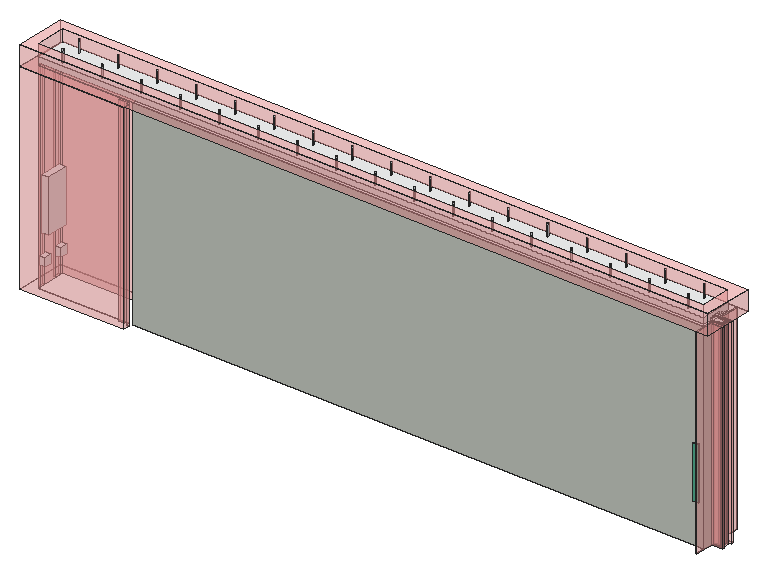
Revit family "Doors-Sliding_WON-DOOR_Fireguard-FG-Straight_Single-Parting-Door - Test V1 -  all heights", category Doors, host Wall, Revit 2022
Family settings
  Host = Wall
  OmniClass Number = 23.17.11.31
  Always vertical = Yes
  Cut with Voids When Loaded = No
  Shared = No
  Room Calculation Point = No
Parameters (values of type "90 Minute")
  Width Count [instance] = Width / 0' 1"  # 342
  Width [instance] = if(Clear Opening Width > Max Width, Max Width, if(Clear Opening Width < Min Width, Min Width, Clear Opening Width))  # 28' - 6 1/8"
  Wall Construction Clearance ( by other ) [instance] = yes
  Voltage [instance] = 120 V
  Version = 1
  Value Step for Rod [instance] = if(not([Threaded Rods ( by Won-Door )]), Max Step for Threaded Rods, if(Step for Threaded Rods < Min Step for Threaded Rods, Min Step for Threaded Rods, if(Step for Threaded Rods > Max Step for Threaded Rods, Max Step for Threaded Rods, Step for Threaded Rods)))  # 2' - 0"
  URL = "https://www.wondoor.com/"
  Threaded Rods Height [instance] = Real Head Height - 0' 4 255/256"  # 0' - 7 1/256"
  Threaded Rods ( by Won-Door ) [instance] = yes
  Thickness = 1' - 6"  # constant formula
  Step for Threaded Rods [instance] = 2' - 0"
  Lookup Table Stack Depth [instance] = size_lookup(Lookup Table, "Stack Depth", 1' 11", Width Count)  # 4' - 8"
  Stack Depth [instance] = if(Height < 10' 0 1/32", if(or(Width < 8' 11", Width = 8' 11"), 2' 4", if(or(Width < 9' 9", Width = 9' 9"), 2' 5", if(or(Width < 11' 7", Width = 11' 7"), 2' 6", if(or(Width < 12' 5", Width = 12' 5"), 2' 7", if(or(Width < 14' 2", Width = 14' 2"), 3' 1", if(or(Width < 18' 9", Width = 18' 9"), 3' 3", if(or(Width < 19' 7", Width = 19' 7"), 3' 5", if(or(Width < 20' 6", Width = 20' 6"), 3' 6", if(or(Width < 22' 3", Width = 22' 3"), 3' 7", if(or(Width < 23' 2", Width = 23' 2"), 3' 8", if(or(Width < 24' 1", Width = 24' 1"), 3' 9", if(or(Width < 24' 11", Width = 24' 11"), 3' 10", if(or(Width < 25' 10", Width = 25' 10"), 3' 11", if(or(Width < 26' 8", Width = 26' 8"), 4' 0", if(or(Width < 27' 7", Width = 27' 7"), 4' 1", if(or(Width < 28' 6", Width = 28' 6"), 4' 2", if(or(Width < 29' 4", Width = 29' 4"), 4' 2", if(or(Width < 30' 3", Width = 30' 3"), 4' 3", if(or(Width < 31' 2", Width = 31' 2"), 4' 4", if(or(Width < 32' 0", Width = 32' 0"), 4' 6", if(or(Width < 33' 0", Width = 33' 0"), 4' 6", if(or(Width < 33' 11", Width = 33' 11"), 4' 7", if(or(Width < 34' 9", Width = 34' 9"), 4' 8", if(or(Width < 35' 8", Width = 35' 8"), 5' 0", if(or(Width < 36' 7", Width = 36' 7"), 5' 1", if(or(Width < 37' 5", Width = 37' 5"), 5' 2", if(or(Width < 38' 4", Width = 38' 4"), 5' 3", if(or(Width < 39' 2", Width = 39' 2"), 5' 4", if(or(Width < 40' 0", Width = 40' 0"), 5' 5", 0' 0"))))))))))))))))))))))))))))), if(Height < 12' 0 1/32", if(or(Width < 8' 11", Width = 8' 11"), 3' 4", if(or(Width < 9' 9", Width = 9' 9"), 3' 4", if(or(Width < 11' 7", Width = 11' 7"), 3' 4", if(or(Width < 12' 5", Width = 12' 5"), 3' 4", if(or(Width < 14' 2", Width = 14' 2"), 3' 4", if(or(Width < 18' 9", Width = 18' 9"), 3' 4", if(or(Width < 19' 7", Width = 19' 7"), 3' 5", if(or(Width < 20' 6", Width = 20' 6"), 3' 6", if(or(Width < 22' 3", Width = 22' 3"), 3' 7", if(or(Width < 23' 2", Width = 23' 2"), 3' 8", if(or(Width < 24' 1", Width = 24' 1"), 3' 9", if(or(Width < 24' 11", Width = 24' 11"), 3' 10", if(or(Width < 25' 10", Width = 25' 10"), 3' 11", if(or(Width < 26' 8", Width = 26' 8"), 4' 0", if(or(Width < 27' 7", Width = 27' 7"), 4' 1", if(or(Width < 28' 6", Width = 28' 6"), 4' 2", if(or(Width < 29' 4", Width = 29' 4"), 4' 6", if(or(Width < 30' 3", Width = 30' 3"), 4' 7", if(or(Width < 31' 2", Width = 31' 2"), 4' 7", if(or(Width < 32' 0", Width = 32' 0"), 4' 9", if(or(Width < 33' 0", Width = 33' 0"), 4' 10", if(or(Width < 33' 11", Width = 33' 11"), 4' 11", if(or(Width < 34' 9", Width = 34' 9"), 4' 11", if(or(Width < 35' 8", Width = 35' 8"), 5' 0", if(or(Width < 36' 7", Width = 36' 7"), 5' 1", if(or(Width < 37' 5", Width = 37' 5"), 5' 2", if(or(Width < 38' 4", Width = 38' 4"), 5' 3", if(or(Width < 39' 2", Width = 39' 2"), 5' 4", if(or(Width < 40' 0", Width = 40' 0"), 5' 5", 0' 0"))))))))))))))))))))))))))))), if(Height < 15' 0 1/32", if(or(Width < 8' 11", Width = 8' 11"), 4' 0", if(or(Width < 9' 9", Width = 9' 9"), 4' 0", if(or(Width < 11' 7", Width = 11' 7"), 4' 0", if(or(Width < 12' 5", Width = 12' 5"), 4' 0", if(or(Width < 14' 2", Width = 14' 2"), 4' 0", if(or(Width < 18' 9", Width = 18' 9"), 4' 0", if(or(Width < 19' 7", Width = 19' 7"), 4' 0", if(or(Width < 20' 6", Width = 20' 6"), 4' 0", if(or(Width < 22' 3", Width = 22' 3"), 4' 0", if(or(Width < 23' 2", Width = 23' 2"), 4' 0", if(or(Width < 24' 1", Width = 24' 1"), 4' 0", if(or(Width < 24' 11", Width = 24' 11"), 4' 1", if(or(Width < 25' 10", Width = 25' 10"), 4' 3", if(or(Width < 26' 8", Width = 26' 8"), 4' 4", if(or(Width < 27' 7", Width = 27' 7"), 4' 4", if(or(Width < 28' 6", Width = 28' 6"), 4' 5", if(or(Width < 29' 4", Width = 29' 4"), 4' 6", if(or(Width < 30' 3", Width = 30' 3"), 4' 7", if(or(Width < 31' 2", Width = 31' 2"), 4' 7", if(or(Width < 32' 0", Width = 32' 0"), 4' 9", if(or(Width < 33' 0", Width = 33' 0"), 4' 10", if(or(Width < 33' 11", Width = 33' 11"), 4' 11", if(or(Width < 34' 9", Width = 34' 9"), 4' 11", if(or(Width < 35' 8", Width = 35' 8"), 5' 0", if(or(Width < 36' 7", Width = 36' 7"), 5' 1", if(or(Width < 37' 5", Width = 37' 5"), 5' 2", if(or(Width < 38' 4", Width = 38' 4"), 5' 3", if(or(Width < 39' 2", Width = 39' 2"), 5' 4", if(or(Width < 40' 0", Width = 40' 0"), 5' 5", 0' 0"))))))))))))))))))))))))))))), 0' 0")))  # 4' - 2"
  Rough Width [instance] = Width + Stack Depth + Offset for Stack Depth  # 33' - 2 1/4"
  Rough Height [instance] = Height + Real Head Height  # 10' - 11 1/8"
  Real Step for Threaded Rods [instance] = (General Length for Rod - 2' 0") / (Count Rod - 1)  # 1' - 11 49/128"
  Real Head Height [instance] = if(Head Height < Min Head Height, Min Head Height, Head Height)  # 1' - 0"
  Product data url = "https://bimobject.com/hortonautomatics/product/WON-DOOR-fireguard-fg-straight"
  Product Page URL = "https://wondoor.concora.com/products/33f15dd3-8041-45fb-9394-ef3e3af44df0"
  Power Factor [instance] = 1
  Pocket Thickness = 2' - 6 1/4"
  Open [instance] = no
  Offset for Stack Depth = if(Pocket Thickness = 2' 3 3/4", 0' 4 7/8", if(Pocket Thickness = 2' 6 1/4", 0' 6 1/8", 0' 7 3/8"))  # 0' - 6 1/8"
  Offset for Backing Width = if(or(Pocket Thickness = 2' 6 1/4", Pocket Thickness = 2' 8 3/4"), 0' 3 1/4", 0' 3 1/8")  # 0' - 3 1/4"
  Offset for Backing Depth = if(Pocket Thickness = 2' 6 1/4", 0' 7 3/8", if(Pocket Thickness = 2' 8 3/4", 0' 8 5/8", 0' 6 1/8"))  # 0' - 7 3/8"
  Number of Poles [instance] = 1
  Model = "Fireguard FG Straight With Single Parting Door "  # constant formula
  Min Width [instance] = 3' - 0"  # constant formula
  Min Step for Threaded Rods [instance] = 0' - 1"  # constant formula
  Min Stack Depth [instance] = if(or(Height < 10' 0", Height = 10' 0"), 2' 4", if(or(Height < 12' 0", Height = 12' 0"), 3' 4", 4' 0"))  # 2' - 4"
  Min Height [instance] = 7' - 0"  # constant formula
  Min Head Height [instance] = 1' - 0"  # constant formula
  Max Width [instance] = 40' - 0"  # constant formula
  Max Step for Threaded Rods [instance] = 6' - 5"  # constant formula
  Max Height [instance] = 15' - 0"  # constant formula
  Max Head Height [instance] = 5' - 0"  # constant formula
  Manufacturer = "Won-Door Corporation"  # constant formula
  Wall Closure = By host
  Lookup Table = "Doors-Sliding_WON-DOOR_Fireguard-FG-Straight_Single-Parting-Door"  # constant formula
  Height [instance] = if(Clear Opening Height > Max Height, Max Height, if(Clear Opening Height < Min Height, Min Height, Clear Opening Height))  # 9' - 11 1/8"
  Head Height [instance] = 1' - 0"
  General Length for Rod [instance] = Width + Lookup Table Stack Depth  # 33' - 2 1/8"
  Fire Rating = "90 Minute Fire Rating"
  Door Finish = Won-Door-Metal-Platinum
  Description = "Won-Door FireGuard Horizontal sliding, accordion-type fire door systems meet all IBC and NFPA criteria for use in a means-of-egress without occupant load limitations in all occupancy types except Group H.\r\n\r\nDue to their wide span opening capabilities, the Won-Door FireGuard horizontal sliding fire door allows for the unimpeded flow of pedestrian traffic as well as open plan designs. All Won-Door FireGuard products are manufactured per application allowing for more freedom of design."  # constant formula
  Date Updated = ""
  Date Created = "2023/11/24"  # constant formula
  Current [instance] = 10 A  # constant formula
  Count Rod [instance] = 1 + roundup((General Length for Rod - 2' 0") / Value Step for Rod)  # 17
  Connector Description [instance] = "100-240 VAC, 60/50 Hz, 10 AMP"  # constant formula
  Closed [instance] = not(Open)  # yes
  Clear Opening Width [instance] = 28' - 6 1/8"
  Clear Opening Height [instance] = 9' - 11 1/8"
  Backing Profile Clearance ( by other ) [instance] = yes
  Apparent Load [instance] = Voltage * Current  # 1200 VA
Reference planes (in)
  plane 1 "Center (Front/Back)": y = 0
  plane 2 "Center (Left/Right)": x = 0
  plane 3 "Left": x = -171.0625
  plane 4 "Right": x = 171.0625
  plane 5 "Top": z = 119.125
  plane 6 "Exterior": y = 9
  plane 7 "Interior": y = -9
  plane 8: x = -227.0625
  plane 9: x = 168.0625
  plane 10: x = 164.8125
  plane 11: z = 24
  plane 12: z = 55.25
  plane 13: y = 15.125
  plane 14: y = -15.125
  plane 15: x = -233.1875
  plane 16: z = 131.125
  plane 17: x = 168.0625
  plane 18: y = 9
  plane 19: y = -9
  plane 20: x = 169.88982
  plane 21: x = -222.3125
  plane 22: z = 60
  plane 23: z = 12
  plane 24: z = 44.375
  plane 25: x = -174.3125
  plane 26: y = 10.25
  plane 27: y = -10.25
  plane 28: x = -177.9375
  plane 29: y = 7.75
  plane 30: y = 4.125
  plane 31: y = -7.75
  plane 32: y = -4.125
  plane 33: y = 10.25
  plane 34: y = -10.25
  plane 35: x = 171.6875
  plane 36: x = 178.1875
  plane 37: x = 171.6875
  plane 38: x = 178.1875
  plane 39: x = -172.5625
  plane 40: y = 10.875
  plane 41: y = -10.875
  plane 42: x = 178.1875
  plane 43: x = -174.0075
  plane 44: x = -178.13056
  plane 45: x = 175.18556
  plane 46: x = 173.31773
  plane 47: y = 1.92662
  plane 48: y = 1.15009
  plane 49: y = -1.15009
  plane 50: y = -1.92662
  plane 51: y = 2.0625
  plane 52: y = -2.0625
  plane 53: y = -1.21649
  plane 54: y = 1.21649
  plane 55: x = 175.18556
  plane 56: x = 175.3125
  plane 57: x = 175.9375
  plane 58: x = -174.0075
  plane 59: x = -178.13056
  plane 60: y = 1.15009
  plane 61: y = -1.15009
  plane 62: x = -215.0625
  plane 63: x = 159.0625
  plane 64: z = 124.12
Forms (in)
  Extrusion 1, solid, material "Won-Door-Metal-Platinum" <- "Door Finish", visible <- "Closed", detail levels medium+fine
    sketch origin (0, 0, 0) x (1, 0, 0) y (0, 1, 0)
      loop
        line (171.0625, 9) -> (-171.0625, 9) -> (-171.0625, -9) -> (171.0625, -9) -> (171.0625, -1.92662) -> (173.31773, -1.15009) -> (175.18556, -1.15009) -> (175.18556, 1.15009) -> (173.31773, 1.15009) -> (171.0625, 1.92662) -> (171.0625, 9)
    from 0 to 119.125
  Extrusion 2, solid, material "Won-Door-Plastic-Green", visible <- "Closed", detail levels medium+fine
    sketch origin (-1.63592, 0, 0) x (1, 0, 0) y (0, 1, 0)
      loop
        line (166.44842, -9) -> (166.44842, -9.5) -> (169.69842, -9.5) -> (169.69842, -9) -> (166.44842, -9)
      loop
        line (166.44842, 9) -> (169.69842, 9) -> (169.69842, 9.5) -> (166.44842, 9.5) -> (166.44842, 9)
    from 24 to 55.25
  Extrusion 3, solid, material "Won-Door-Metal-Platinum" <- "Door Finish", visible <- "Open", detail levels coarse
    sketch origin (0, 0, 0) x (1, 0, 0) y (0, 1, 0)
      loop
        line (-222.3125, 9) -> (-222.3125, -9) -> (-178.13056, -9) -> (-178.13056, -1.125) -> (-174.0075, -1.125) -> (-174.0075, 1.125) -> (-178.13056, 1.125) -> (-178.13056, 9) -> (-222.3125, 9)
    from 0 to 119.125
  Extrusion 4, solid, visible <- "Wall Construction Clearance ( by other )"
    sketch origin (0, 0, 0) x (1, 0, 0) y (0, 1, 0)
      loop
        line (-233.1875, 15.125) -> (-233.1875, -15.125) -> (-171.0625, -15.125) -> (-171.0625, -11) -> (-172.6875, -11) -> (-172.6875, -9) -> (-227.0625, -9) -> (-227.0625, 9) -> (-172.6875, 9) -> (-172.6875, 11) -> (-171.0625, 11) -> (-171.0625, 15.125) -> (-233.1875, 15.125)
    from 0 to 119.125
  Extrusion 5, solid, material "Won-Door-Metal-Gray", detail levels fine
    sketch origin (0, -9.5888, 120.12767) x (0, -1, 0) y (0, 0, -1)
      loop
        line (-0.5888, -0.49933) -> (-5.1268, -0.49933) -> (-5.1268, -0.58283) -> (-4.7018, -0.58283) -> (-4.7018, -1.99033) -> (-6.3018, -1.99033) -> (-6.3018, -0.58283) -> (-5.8768, -0.58283) -> (-5.8768, -0.49633) -> (-6.4008, -0.49633) -> (-6.4008, -0.65833) -> (-8.7058, -0.65833) -> (-8.7058, -0.76733) -> (-6.5098, -0.76733) -> (-6.5098, -2.13833) -> (-12.6678, -2.13833) -> (-12.6678, -0.76733) -> (-10.4718, -0.76733) -> (-10.4718, -0.65833) -> (-12.7768, -0.65833) -> (-12.7768, -0.49633) -> (-13.3008, -0.49633) -> (-13.3008, -0.58283) -> (-12.8758, -0.58283) -> (-12.8758, -1.99033) -> (-14.4758, -1.99033) -> (-14.4758, -0.58283) -> (-14.0508, -0.58283) -> (-14.0508, -0.49933) -> (-18.5888, -0.49933) -> (-18.5888, -3.99233) -> (-0.5888, -3.99233) -> (-0.5888, -0.49933)
    from -227.0625 to 171.0625
  Extrusion 6, solid, material "Won-Door-Metal-Gray", detail levels medium
    sketch origin (0, -9.5888, 120.12767) x (0, -1, 0) y (0, 0, -1)
      loop
        line (-18.5888, -3.99233) -> (-0.5888, -3.99233) -> (-0.5888, -0.49933) -> (-6.5098, -0.49933) -> (-6.5098, -2.13833) -> (-12.6678, -2.13833) -> (-12.6678, -0.49933) -> (-18.5888, -0.49933) -> (-18.5888, -3.99233)
    from -227.0625 to 171.0625
  Extrusion 7, solid, material "Won-Door-Metal-Gray", detail levels coarse
    sketch origin (0, -9.5888, 120.12767) x (0, -1, 0) y (0, 0, -1)
      loop
        line (-18.5888, -3.99233) -> (-0.5888, -3.99233) -> (-0.5888, -0.49933) -> (-18.5888, -0.49933) -> (-18.5888, -3.99233)
    from -227.0625 to 171.0625
  Extrusion 8, solid, material "Clearance", visible <- "Wall Construction Clearance ( by other )"
    sketch origin (0, 0, 0) x (1, 0, 0) y (0, 1, 0)
      loop
        line (-233.1875, 15.125) -> (-233.1875, -15.125) -> (178.1875, -15.125) -> (178.1875, 15.125) -> (-233.1875, 15.125)
      loop
        line (-227.0625, 9) -> (-227.0625, -9) -> (171.0625, -9) -> (171.0625, 9) -> (-227.0625, 9)
    from 119.125 to 131.125
  Extrusion 9, void
    sketch origin (0, 0, 0) x (1, 0, 0) y (0, 1, 0)
      loop
        line (171.0625, -9) -> (171.0625, 9) -> (-171.0625, 9) -> (-171.0625, -9) -> (171.0625, -9)
    from 0 to 119.125
  Extrusion 10, solid, material "Won-Door-Metal-Gray"
    sketch origin (0, 0, 0) x (1, 0, 0) y (0, 1, 0)
      loop
        line (-227.0625, 6.5) -> (-227.0625, -6.5) -> (-223.0625, -6.5) -> (-223.0625, 6.5) -> (-227.0625, 6.5)
    from 28.75 to 60
  Extrusion 11, void
    sketch origin (0, 0, 0) x (1, 0, 0) y (0, 1, 0)
      loop
        line (-227.0625, 9) -> (-227.0625, -9) -> (-171.0625, -9) -> (-171.0625, 9) -> (-227.0625, 9)
    from 0 to 119.125
  Extrusion 12, solid, visible <- "Backing Profile Clearance ( by other )"
    sketch origin (0, 0, 0) x (1, 0, 0) y (0, 1, 0)
      loop
        line (-174.3125, 9) -> (-174.3125, 10.25) -> (-177.9375, 10.25) -> (-177.9375, 9) -> (-174.3125, 9)
      loop
        line (-174.3125, -9) -> (-177.9375, -9) -> (-177.9375, -10.25) -> (-174.3125, -10.25) -> (-174.3125, -9)
    from 0 to 119.125
  Extrusion 13, solid, visible <- "Backing Profile Clearance ( by other )"
    sketch origin (0, 0, 0) x (1, 0, 0) y (0, 1, 0)
      loop
        line (-228.3125, 7.75) -> (-228.3125, 4.125) -> (-227.0625, 4.125) -> (-227.0625, 7.75) -> (-228.3125, 7.75)
      loop
        line (-228.3125, -7.75) -> (-227.0625, -7.75) -> (-227.0625, -4.125) -> (-228.3125, -4.125) -> (-228.3125, -7.75)
    from 0 to 119.125
  Extrusion 14, solid, material "Clearance", visible <- "Wall Construction Clearance ( by other )"
    sketch origin (0, 0, 0) x (1, 0, 0) y (0, 1, 0)
      loop
        line (171.0625, -15.125) -> (171.6875, -15.125) -> (171.6875, -2.6875) -> (175.9375, -2.6875) -> (175.9375, 2.6875) -> (171.6875, 2.6875) -> (171.6875, 15.125) -> (171.0625, 15.125) -> (171.0625, 2.0625) -> (175.3125, 2.0625) -> (175.3125, -2.0625) -> (171.0625, -2.0625) -> (171.0625, -15.125)
    from 0 to 119.125
  Extrusion 15, solid, material "Clearance", visible <- "Backing Profile Clearance ( by other )"
    sketch origin (0, 0, 0) x (1, 0, 0) y (0, 1, 0)
      loop
        line (171.6875, 2.6875) -> (178.1875, 2.6875) -> (178.1875, 4.3125) -> (171.6875, 4.3125) -> (171.6875, 2.6875)
      loop
        line (171.6875, -2.6875) -> (171.6875, -4.3125) -> (178.1875, -4.3125) -> (178.1875, -2.6875) -> (171.6875, -2.6875)
    from 0 to 119.125
  Extrusion 16, void
    sketch origin (0, 0, 0) x (1, 0, 0) y (0, 1, 0)
      loop
        line (-227.0625, 9) -> (-227.0625, -9) -> (171.0625, -9) -> (171.0625, 9) -> (-227.0625, 9)
    from 119.125 to 131.125
  Extrusion 17, solid, material "Won-Door-Metal-Gray", visible <- "Open"
    sketch origin (0, 0, 0) x (1, 0, 0) y (0, 1, 0)
      loop
        line (-172.5625, 10.875) -> (-172.5625, -10.875) -> (-171.0625, -10.875) -> (-171.0625, 10.875) -> (-172.5625, 10.875)
    from 0 to 119.125
  Extrusion 18, solid, material "Clearance", visible <- "Backing Profile Clearance ( by other )"
    sketch origin (171.0625, 19.47829, 0) x (0, -1, 0) y (1, 0, 0)
      loop
        line (17.66579, 4.875) -> (21.29079, 4.875) -> (21.29079, 6.125) -> (17.66579, 6.125) -> (17.66579, 4.875)
    from 0 to 119.125
  Extrusion 19, void
    sketch origin (171.0625, 19.47829, 0) x (0, -1, 0) y (1, 0, 0)
      loop
        line (17.41579, 0) -> (21.54079, 0) -> (21.54079, 4.25) -> (17.41579, 4.25) -> (17.41579, 0)
    from 0 to 119.125
  Extrusion 20, solid, material "Won-Door-Metal-Gray", visible <- "Open"
    sketch origin (171.0625, 19.47829, 0) x (0, -1, 0) y (1, 0, 0)
      loop
        line (11.47829, -344.625) -> (27.47829, -344.625) -> (27.47829, -343.625) -> (11.47829, -343.625) -> (11.47829, -344.625)
    from 0 to 119.125
  Extrusion 21, solid, material "Won-Door-Metal-Gray", visible <- "Closed"
    sketch origin (-171.0625, 9, 0) x (0, -1, 0) y (1, 0, 0)
      loop
        line (-1.875, 0) -> (-0.40988, 0.32161) -> (-0.8923, 2.51929) -> (-0.32544, 2.64372) -> (-3.75596, 18.27163) -> (-4.32282, 18.1472) -> (-4.80523, 20.34487) -> (-6.27035, 20.02326) -> (-1.875, 0)
    from 0 to 119.125
  Extrusion 22, solid, material "Clearance", detail levels medium+fine
    sketch origin (171.0625, 19.47829, 0) x (0, -1, 0) y (1, 0, 0)
      loop
        line (17.41579, 0.39183) -> (17.41579, 0) -> (17.55166, 0) -> (18.3282, 2.25523) -> (18.3282, 4.12306) -> (20.62837, 4.12306) -> (20.62837, 2.25523) -> (21.40491, 0) -> (21.54079, 0) -> (21.54079, 0.39183) -> (21.48355, 0.39183) -> (21.48355, 0.09504) -> (21.43427, 0.09504) -> (20.69303, 2.24778) -> (20.69303, 4.18947) -> (18.26355, 4.18947) -> (18.26355, 2.24778) -> (17.5223, 0.09504) -> (17.47303, 0.09504) -> (17.47303, 0.39183) -> (17.41579, 0.39183)
    from 0 to 119.125
  Extrusion 23, solid, material "Clearance", detail levels coarse
    sketch origin (171.0625, 19.47829, 0) x (0, -1, 0) y (1, 0, 0)
      loop
        line (18.3282, 0) -> (18.3282, 4.12306) -> (20.62837, 4.12306) -> (20.62837, 0) -> (21.54079, 0) -> (21.54079, 0.06641) -> (20.69478, 0.06641) -> (20.69478, 4.18947) -> (18.2618, 4.18947) -> (18.2618, 0.06641) -> (17.41579, 0.06641) -> (17.41579, 0) -> (18.3282, 0)
    from 0 to 119.125
  Extrusion 24, solid, material "Won-Door-Metal-Platinum" <- "Door Finish", visible <- "Closed", detail levels coarse
    sketch origin (171.0625, 19.47829, 0) x (0, -1, 0) y (1, 0, 0)
      loop
        line (10.47829, 0) -> (10.47829, -342.125) -> (28.47829, -342.125) -> (28.47829, 0) -> (20.62837, 0) -> (20.62837, 4.12306) -> (18.3282, 4.12306) -> (18.3282, 0) -> (10.47829, 0)
    from 0 to 119.125
  Extrusion 25, solid, material "Won-Door-Metal-Platinum" <- "Door Finish", visible <- "Open", detail levels medium+fine
    sketch origin (171.0625, 19.47829, 0) x (0, -1, 0) y (1, 0, 0)
      loop
        line (10.47829, -393.375) -> (28.47829, -393.375) -> (28.47829, -349.19306) -> (21.40511, -349.19306) -> (20.62837, -346.93724) -> (20.62837, -345.07) -> (18.3282, -345.07) -> (18.3282, -346.93724) -> (17.55146, -349.19306) -> (10.47829, -349.19306) -> (10.47829, -393.375)
    from 0 to 119.125
Cuts and joins
  joined: Extrusion 17, Extrusion 20
Lines and regions (in)
  Masking region 1, visible <- "Closed", detail levels medium+fine
    outline origin (0, 0, 0) x (1, 0, 0) y (0, 1, 0)
      loop
        line (164.8125, 9) -> (168.0625, 9) -> (168.0625, 9.5) -> (164.8125, 9.5) -> (164.8125, 9)
      loop
        line (164.8125, -9) -> (164.8125, -9.5) -> (168.0625, -9.5) -> (168.0625, -9) -> (164.8125, -9)
  Masking region 2, visible <- "Closed"
    outline origin (0, 0, 0) x (1, 0, 0) y (0, 1, 0)
      loop
        line (-171.0625, 9) -> (-171.0625, -9) -> (171.0625, -9) -> (171.0625, -2.0625) -> (175.3125, -2.0625) -> (175.3125, 2.0625) -> (171.0625, 2.0625) -> (171.0625, 9) -> (-171.0625, 9)
  Masking region 3, visible <- "Wall Construction Clearance ( by other )"
    outline origin (0, 0, 0) x (1, 0, 0) y (0, 1, 0)
      loop
        line (-171.0625, -15.125) -> (-171.0625, -11) -> (-172.6875, -11) -> (-172.6875, -9) -> (-227.0625, -9) -> (-227.0625, 9) -> (-172.6875, 9) -> (-172.6875, 11) -> (-171.0625, 11) -> (-171.0625, 15.125) -> (-233.1875, 15.125) -> (-233.1875, -15.125) -> (-171.0625, -15.125)
  Masking region 4, visible <- "Open"
    outline origin (0, 0, 0) x (1, 0, 0) y (0, 1, 0)
      loop
        line (-171.0625, -10.875) -> (-171.0625, 10.875) -> (-172.5625, 10.875) -> (-172.5625, -10.875) -> (-171.0625, -10.875)
  Masking region 5, detail levels fine
    outline origin (-222.3125, 9, 0) x (0, -1, 0) y (1, 0, 0)
      loop
        line (1, -0.05295) -> (0.73098, -0.06235)
        arc (0.73098, -0.06235) -> (0.52431, -0.09253) -> (0.32923, -0.16714) r 0.95019
        arc (0.32923, -0.16714) -> (0.20325, -0.28585) -> (0.11756, -0.43625) r 0.58444
        arc (0.11756, -0.43625) -> (0.04159, -0.65102) -> (0, -0.875) r 1.45802
        line (0, -0.875) -> (0, -4.75) -> (18, -4.75) -> (18, -0.875)
        arc (18, -0.875) -> (17.95841, -0.65102) -> (17.88244, -0.43625) r 1.45802
        arc (17.88244, -0.43625) -> (17.79675, -0.28585) -> (17.67077, -0.16714) r 0.58444
        arc (17.67077, -0.16714) -> (17.47569, -0.09253) -> (17.26902, -0.06235) r 0.95019
        line (17.26902, -0.06235) -> (17, -0.05295) -> (17, 0.03485) -> (15.458, 0.03485)
        arc (15.458, 0.03485) -> (15.4283, 0.04715) -> (15.416, 0.07685) r 0.042
        line (15.416, 0.07685) -> (15.416, 0.65885)
        arc (15.416, 0.65885) -> (15.3914, 0.71824) -> (15.332, 0.74285) r 0.084
        line (15.332, 0.74285) -> (13.793, 0.74285)
        arc (13.793, 0.74285) -> (13.7336, 0.71824) -> (13.709, 0.65885) r 0.084
        line (13.709, 0.65885) -> (13.709, 0.084)
        arc (13.709, 0.084) -> (13.6967, 0.0543) -> (13.667, 0.042) r 0.042
        line (13.667, 0.042) -> (4.333, 0.042)
        arc (4.333, 0.042) -> (4.3033, 0.0543) -> (4.291, 0.084) r 0.042
        line (4.291, 0.084) -> (4.291, 0.65885)
        arc (4.291, 0.65885) -> (4.2664, 0.71824) -> (4.207, 0.74285) r 0.084
        line (4.207, 0.74285) -> (2.668, 0.74285)
        arc (2.668, 0.74285) -> (2.6086, 0.71824) -> (2.584, 0.65885) r 0.084
        line (2.584, 0.65885) -> (2.584, 0.07685)
        arc (2.584, 0.07685) -> (2.5717, 0.04715) -> (2.542, 0.03485) r 0.042
        line (2.542, 0.03485) -> (1, 0.03485) -> (1, -0.05295)
  Masking region 6, visible <- "Open", detail levels fine
    outline origin (-222.3125, 9, 0) x (0, -1, 0) y (1, 0, 0)
      loop
        line (2.34066, 2.88875) -> (3.25051, 2.96835) -> (3.97045, 2.96835) -> (4.72058, 2.77357) -> (5.12697, 2.77357) -> (5.87685, 2.96833) -> (6.59695, 2.96833) -> (7.37831, 2.9) -> (7.47546, 2.61662) -> (6.6348, 2.50739) -> (5.92592, 2.35149) -> (5.23573, 2.00039) -> (4.84507, 1.91447) -> (4.07062, 1.94356) -> (3.3621, 1.78774) -> (2.55097, 1.53339) -> (2.55097, 0.56872) -> (2.584, 0.56872) -> (2.584, 1.51755) -> (3.36969, 1.76378) -> (4.07299, 1.91845) -> (4.8472, 1.88931) -> (5.2441, 1.9766) -> (5.93488, 2.32796) -> (6.63802, 2.4826) -> (7.50891, 2.59576) -> (7.40542, 2.89763) -> (7.47546, 3.17481) -> (6.60059, 3.25135) -> (5.87477, 3.25135) -> (5.12527, 3.05669) -> (4.72528, 3.05669) -> (3.97515, 3.25145) -> (3.24971, 3.25145) -> (2.26655, 3.16532) -> (2.34066, 2.88875)
      loop
        line (2.34066, 3.40175) -> (3.25051, 3.48135) -> (3.97045, 3.48135) -> (4.72058, 3.28657) -> (5.12697, 3.28657) -> (5.87685, 3.48133) -> (6.59695, 3.48133) -> (7.40542, 3.41063) -> (7.47546, 3.68781) -> (6.60059, 3.76435) -> (5.87477, 3.76435) -> (5.12527, 3.56969) -> (4.72528, 3.56969) -> (3.97515, 3.76445) -> (3.24971, 3.76445) -> (2.26655, 3.67832) -> (2.34066, 3.40175)
      loop
        line (2.34278, 3.91908) -> (3.25263, 3.99868) -> (3.97257, 3.99868) -> (4.7227, 3.80389) -> (5.12909, 3.80389) -> (5.87896, 3.99865) -> (6.59907, 3.99865) -> (7.40754, 3.92796) -> (7.47758, 4.20514) -> (6.60271, 4.28168) -> (5.87689, 4.28168) -> (5.12739, 4.08702) -> (4.72739, 4.08702) -> (3.97727, 4.28178) -> (3.25182, 4.28178) -> (2.26867, 4.19564) -> (2.34278, 3.91908)
      loop
        line (2.34278, 4.43584) -> (3.25263, 4.51544) -> (3.97257, 4.51544) -> (4.7227, 4.32065) -> (5.12909, 4.32065) -> (5.87896, 4.51541) -> (6.59907, 4.51541) -> (7.40754, 4.44471) -> (7.47758, 4.7219) -> (6.60271, 4.79844) -> (5.87689, 4.79844) -> (5.12739, 4.60378) -> (4.72739, 4.60378) -> (3.97727, 4.79854) -> (3.25182, 4.79854) -> (2.26867, 4.7124) -> (2.34278, 4.43584)
      loop
        line (2.34278, 4.95383) -> (3.25263, 5.03343) -> (3.97257, 5.03343) -> (4.7227, 4.83865) -> (5.12909, 4.83865) -> (5.87896, 5.03341) -> (6.59907, 5.03341) -> (7.40754, 4.96271) -> (7.47758, 5.23989) -> (6.60271, 5.31643) -> (5.87689, 5.31643) -> (5.12739, 5.12177) -> (4.72739, 5.12177) -> (3.97727, 5.31653) -> (3.25182, 5.31653) -> (2.26867, 5.2304) -> (2.34278, 4.95383)
      loop
        line (15.65934, 2.88875) -> (15.73345, 3.16532) -> (14.75029, 3.25145) -> (14.02485, 3.25145) -> (13.27472, 3.05669) -> (12.87473, 3.05669) -> (12.12523, 3.25135) -> (11.39941, 3.25135) -> (10.52454, 3.17481) -> (10.59458, 2.89763) -> (10.49109, 2.59576) -> (11.36198, 2.4826) -> (12.06512, 2.32796) -> (12.7559, 1.9766) -> (13.1528, 1.88931) -> (13.92701, 1.91845) -> (14.63031, 1.76378) -> (15.416, 1.51755) -> (15.416, 0.56872) -> (15.44903, 0.56872) -> (15.44903, 1.53339) -> (14.6379, 1.78774) -> (13.92938, 1.94356) -> (13.15493, 1.91447) -> (12.76427, 2.00039) -> (12.07408, 2.35149) -> (11.3652, 2.50739) -> (10.52454, 2.61662) -> (10.62169, 2.9) -> (11.40305, 2.96833) -> (12.12315, 2.96833) -> (12.87303, 2.77357) -> (13.27942, 2.77357) -> (14.02955, 2.96835) -> (14.74949, 2.96835) -> (15.65934, 2.88875)
      loop
        line (15.65934, 3.40175) -> (15.73345, 3.67832) -> (14.75029, 3.76445) -> (14.02485, 3.76445) -> (13.27472, 3.56969) -> (12.87473, 3.56969) -> (12.12523, 3.76435) -> (11.39941, 3.76435) -> (10.52454, 3.68781) -> (10.59458, 3.41063) -> (11.40305, 3.48133) -> (12.12315, 3.48133) -> (12.87303, 3.28657) -> (13.27942, 3.28657) -> (14.02955, 3.48135) -> (14.74949, 3.48135) -> (15.65934, 3.40175)
      loop
        line (15.65722, 3.91908) -> (15.73133, 4.19564) -> (14.74818, 4.28178) -> (14.02273, 4.28178) -> (13.27261, 4.08702) -> (12.87261, 4.08702) -> (12.12311, 4.28168) -> (11.39729, 4.28168) -> (10.52242, 4.20514) -> (10.59246, 3.92796) -> (11.40093, 3.99865) -> (12.12104, 3.99865) -> (12.87091, 3.80389) -> (13.2773, 3.80389) -> (14.02743, 3.99868) -> (14.74737, 3.99868) -> (15.65722, 3.91908)
      loop
        line (15.65722, 4.43584) -> (15.73133, 4.7124) -> (14.74818, 4.79854) -> (14.02273, 4.79854) -> (13.27261, 4.60378) -> (12.87261, 4.60378) -> (12.12311, 4.79844) -> (11.39729, 4.79844) -> (10.52242, 4.7219) -> (10.59246, 4.44471) -> (11.40093, 4.51541) -> (12.12104, 4.51541) -> (12.87091, 4.32065) -> (13.2773, 4.32065) -> (14.02743, 4.51544) -> (14.74737, 4.51544) -> (15.65722, 4.43584)
      loop
        line (15.65722, 4.95383) -> (15.73133, 5.2304) -> (14.74818, 5.31653) -> (14.02273, 5.31653) -> (13.27261, 5.12177) -> (12.87261, 5.12177) -> (12.12311, 5.31643) -> (11.39729, 5.31643) -> (10.52242, 5.23989) -> (10.59246, 4.96271) -> (11.40093, 5.03341) -> (12.12104, 5.03341) -> (12.87091, 4.83865) -> (13.2773, 4.83865) -> (14.02743, 5.03343) -> (14.74737, 5.03343) -> (15.65722, 4.95383)
  Masking region 7, visible <- "Open", detail levels fine
    outline origin (-171.0625, 9, 0) x (0, -1, 0) y (1, 0, 0)
      loop
        line (2.33058, -9.35981) -> (3.24043, -9.43941) -> (3.96038, -9.43941) -> (4.71051, -9.24463) -> (5.11689, -9.24463) -> (5.86677, -9.43938) -> (6.58688, -9.43938) -> (7.39473, -9.36874) -> (7.39473, -7.59646) -> (6.59695, -7.5267) -> (5.87685, -7.5267) -> (5.12697, -7.72146) -> (4.72058, -7.72146) -> (3.97045, -7.52668) -> (3.25051, -7.52668) -> (2.37564, -7.60322) -> (2.37564, -7.48091) -> (2.21939, -7.48091) -> (2.21939, -9.48679) -> (2.29656, -9.48679) -> (2.33058, -9.35981)
      loop
        line (3.23963, -9.72251) -> (3.96507, -9.72251) -> (4.7152, -9.52775) -> (5.1152, -9.52775) -> (5.86469, -9.72241) -> (6.59052, -9.72241) -> (7.42988, -9.64898) -> (7.42988, -7.35152) -> (7.84039, -7.38743) -> (8.14666, -7.03511) -> (8.14666, -4.78838) -> (8.27166, -4.66338) -> (8.27166, -3.41016) -> (9.72834, -3.41016) -> (9.72834, -4.66338) -> (9.85334, -4.78838) -> (9.85334, -7.03511) -> (10.15961, -7.38743) -> (10.5695, -7.35157) -> (10.5695, -9.64892) -> (11.40948, -9.72241) -> (12.13531, -9.72241) -> (12.8848, -9.52775) -> (13.2848, -9.52775) -> (14.03493, -9.72251) -> (14.76037, -9.72251) -> (15.74352, -9.63638) -> (15.71286, -9.52195) -> (15.81576, -9.52195) -> (15.81576, -8.56585) -> (16.09151, -8.56585) -> (16.09151, -9.44777) -> (15.79801, -9.61722) -> (15.86051, -9.72548) -> (16.21651, -9.51994) -> (16.21651, -7.44777) -> (15.86051, -7.24222) -> (15.79801, -7.35048) -> (16.09151, -7.51994) -> (16.09151, -8.40185) -> (15.81576, -8.40185) -> (15.81576, -7.44575) -> (15.62436, -7.44575) -> (15.62436, -7.32015) -> (14.75029, -7.24358) -> (14.02485, -7.24358) -> (13.27472, -7.43834) -> (12.87473, -7.43834) -> (12.12523, -7.24368) -> (11.39941, -7.24368) -> (10.17439, -7.35085) -> (9.8885, -7.02197) -> (9.8885, -4.77382) -> (9.7635, -4.64882) -> (9.7635, -3.375) -> (8.2365, -3.375) -> (8.2365, -4.64882) -> (8.1115, -4.77382) -> (8.1115, -7.02197) -> (7.82561, -7.35085) -> (6.60059, -7.24368) -> (5.87477, -7.24368) -> (5.12527, -7.43834) -> (4.72528, -7.43834) -> (3.97515, -7.24358) -> (3.24971, -7.24358) -> (2.37564, -7.32015) -> (2.37564, -7.44575) -> (2.18424, -7.44575) -> (2.18424, -8.40185) -> (1.90849, -8.40185) -> (1.90849, -7.51994) -> (2.20199, -7.35048) -> (2.13949, -7.24222) -> (1.78349, -7.44777) -> (1.78349, -9.51994) -> (2.13949, -9.72548) -> (2.20199, -9.61722) -> (1.90849, -9.44777) -> (1.90849, -8.56585) -> (2.18424, -8.56585) -> (2.18424, -9.52195) -> (2.28714, -9.52195) -> (2.25648, -9.63638) -> (3.23963, -9.72251)
      loop
        line (2.33058, -9.87657) -> (2.25648, -10.15313) -> (3.23963, -10.23927) -> (3.96507, -10.23927) -> (4.7152, -10.04451) -> (5.1152, -10.04451) -> (5.86469, -10.23917) -> (6.59052, -10.23917) -> (7.59314, -10.15145) -> (7.5231, -9.87428) -> (6.58688, -9.95614) -> (5.86677, -9.95614) -> (5.11689, -9.76138) -> (4.71051, -9.76138) -> (3.96038, -9.95617) -> (3.24043, -9.95617) -> (2.33058, -9.87657)
      loop
        line (2.33058, -10.39457) -> (2.26867, -10.62562) -> (3.30328, -10.71614) -> (4.02322, -10.71614) -> (4.77335, -10.52135) -> (5.17974, -10.52135) -> (5.92961, -10.71611) -> (6.64972, -10.71611) -> (7.58428, -10.63439) -> (7.5231, -10.39227) -> (6.58688, -10.47414) -> (5.86677, -10.47414) -> (5.11689, -10.27938) -> (4.71051, -10.27938) -> (3.96038, -10.47417) -> (3.24043, -10.47417) -> (2.33058, -10.39457)
      loop
        line (15.66942, -9.35981) -> (15.70344, -9.48679) -> (15.78061, -9.48679) -> (15.78061, -7.48091) -> (15.62436, -7.48091) -> (15.62436, -7.60322) -> (14.74949, -7.52668) -> (14.02955, -7.52668) -> (13.27942, -7.72146) -> (12.87303, -7.72146) -> (12.12315, -7.5267) -> (11.40305, -7.5267) -> (10.60466, -7.59652) -> (10.60466, -9.36869) -> (11.41312, -9.43938) -> (12.13323, -9.43938) -> (12.88311, -9.24463) -> (13.28949, -9.24463) -> (14.03962, -9.43941) -> (14.75957, -9.43941) -> (15.66942, -9.35981)
      loop
        line (15.66942, -9.87657) -> (14.75957, -9.95617) -> (14.03962, -9.95617) -> (13.28949, -9.76138) -> (12.88311, -9.76138) -> (12.13323, -9.95614) -> (11.41312, -9.95614) -> (10.60466, -9.88545) -> (10.53461, -10.16263) -> (11.40948, -10.23917) -> (12.13531, -10.23917) -> (12.8848, -10.04451) -> (13.2848, -10.04451) -> (14.03493, -10.23927) -> (14.76037, -10.23927) -> (15.74352, -10.15313) -> (15.66942, -9.87657)
      loop
        line (15.66942, -10.39457) -> (14.75957, -10.47417) -> (14.03962, -10.47417) -> (13.28949, -10.27938) -> (12.88311, -10.27938) -> (12.13323, -10.47414) -> (11.41312, -10.47414) -> (10.60466, -10.40344) -> (10.54347, -10.64556) -> (11.35028, -10.71611) -> (12.07039, -10.71611) -> (12.82026, -10.52135) -> (13.22665, -10.52135) -> (13.97678, -10.71614) -> (14.69672, -10.71614) -> (15.73133, -10.62562) -> (15.66942, -10.39457)
  Masking region 8, visible <- "Open", detail levels medium
    outline origin (-222.3125, 9, 0) x (0, -1, 0) y (1, 0, 0)
      loop
        line (2.55097, 1.53339) -> (2.55097, 0.56872) -> (2.584, 0.56872) -> (2.584, 1.51243) -> (7.50891, 2.59576) -> (7.40542, 2.89763) -> (7.47546, 3.17481) -> (2.26401, 3.17481) -> (2.34066, 2.88875) -> (7.38217, 2.88875) -> (7.47546, 2.61662) -> (2.55097, 1.53339)
      loop
        line (7.40318, 3.40175) -> (7.47306, 3.67832) -> (2.26655, 3.67832) -> (2.34066, 3.40175) -> (7.40318, 3.40175)
      loop
        line (7.4053, 3.91908) -> (7.47518, 4.19564) -> (2.26867, 4.19564) -> (2.34278, 3.91908) -> (7.4053, 3.91908)
      loop
        line (7.4053, 4.43584) -> (7.47518, 4.7124) -> (2.26867, 4.7124) -> (2.34278, 4.43584) -> (7.4053, 4.43584)
      loop
        line (7.4053, 4.95383) -> (7.47518, 5.2304) -> (2.26867, 5.2304) -> (2.34278, 4.95383) -> (7.4053, 4.95383)
      loop
        line (15.44903, 1.53339) -> (10.52454, 2.61662) -> (10.61783, 2.88875) -> (15.65934, 2.88875) -> (15.73599, 3.17481) -> (10.52454, 3.17481) -> (10.59458, 2.89763) -> (10.49109, 2.59576) -> (15.416, 1.51243) -> (15.416, 0.56872) -> (15.44903, 0.56872) -> (15.44903, 1.53339)
      loop
        line (10.59682, 3.40175) -> (15.65934, 3.40175) -> (15.73345, 3.67832) -> (10.52694, 3.67832) -> (10.59682, 3.40175)
      loop
        line (10.5947, 3.91908) -> (15.65722, 3.91908) -> (15.73133, 4.19564) -> (10.52482, 4.19564) -> (10.5947, 3.91908)
      loop
        line (10.5947, 4.43584) -> (15.65722, 4.43584) -> (15.73133, 4.7124) -> (10.52482, 4.7124) -> (10.5947, 4.43584)
      loop
        line (10.5947, 4.95383) -> (15.65722, 4.95383) -> (15.73133, 5.2304) -> (10.52482, 5.2304) -> (10.5947, 4.95383)
  Masking region 9, visible <- "Open", detail levels medium
    outline origin (-171.0625, 9, 0) x (0, -1, 0) y (1, 0, 0)
      loop
        line (7.58207, -10.646) -> (7.52368, -10.41494) -> (2.33058, -10.41494) -> (2.26867, -10.646) -> (7.58207, -10.646)
      loop
        line (7.59357, -10.17351) -> (7.52368, -9.89695) -> (2.33058, -9.89695) -> (2.25648, -10.17351) -> (7.59357, -10.17351)
      loop
        line (2.33058, -9.38019) -> (7.39473, -9.38019) -> (7.39473, -7.58972) -> (2.25648, -7.58972) -> (2.28563, -7.48091) -> (2.21939, -7.48091) -> (2.21939, -9.48679) -> (2.30202, -9.48679) -> (2.33058, -9.38019)
      loop
        line (2.25648, -9.65675) -> (7.42988, -9.65675) -> (7.42988, -7.35152) -> (8.14666, -7.35152) -> (8.14666, -4.78838) -> (8.27166, -4.66338) -> (8.27166, -3.41016) -> (9.72834, -3.41016) -> (9.72834, -4.66338) -> (9.85334, -4.78838) -> (9.85334, -7.35152) -> (10.57012, -7.35152) -> (10.57012, -9.65675) -> (15.74352, -9.65675) -> (15.7074, -9.52195) -> (15.81576, -9.52195) -> (15.81576, -8.56585) -> (16.09151, -8.56585) -> (16.09151, -9.51994) -> (16.21651, -9.51994) -> (16.21651, -7.44777) -> (16.09151, -7.44777) -> (16.09151, -8.40185) -> (15.81576, -8.40185) -> (15.81576, -7.44575) -> (15.70495, -7.44575) -> (15.66942, -7.31315) -> (9.8885, -7.31315) -> (9.8885, -4.77382) -> (9.7635, -4.64882) -> (9.7635, -3.375) -> (8.2365, -3.375) -> (8.2365, -4.64882) -> (8.1115, -4.77382) -> (8.1115, -7.31315) -> (2.33058, -7.31315) -> (2.29505, -7.44575) -> (2.18424, -7.44575) -> (2.18424, -8.40185) -> (1.90849, -8.40185) -> (1.90849, -7.44777) -> (1.78349, -7.44777) -> (1.78349, -9.51994) -> (1.90849, -9.51994) -> (1.90849, -8.56585) -> (2.18424, -8.56585) -> (2.18424, -9.52195) -> (2.2926, -9.52195) -> (2.25648, -9.65675)
      loop
        line (10.54851, -10.646) -> (15.73133, -10.646) -> (15.66942, -10.41494) -> (10.6069, -10.41494) -> (10.54851, -10.646)
      loop
        line (10.53701, -10.17351) -> (15.74352, -10.17351) -> (15.66942, -9.89695) -> (10.6069, -9.89695) -> (10.53701, -10.17351)
      loop
        line (15.66942, -9.38019) -> (15.69798, -9.48679) -> (15.78061, -9.48679) -> (15.78061, -7.48091) -> (15.71437, -7.48091) -> (15.74352, -7.58972) -> (10.60527, -7.58972) -> (10.60527, -9.38019) -> (15.66942, -9.38019)
  Masking region 10, detail levels medium
    outline origin (-222.3125, 9, 0) x (0, -1, 0) y (1, 0, 0)
      loop
        line (2.584, 0.03485) -> (0, 0.03485) -> (0, -4.75) -> (18, -4.75) -> (18, 0.03485) -> (15.416, 0.03485) -> (15.416, 0.74285) -> (13.709, 0.74285) -> (13.709, 0.042) -> (4.291, 0.042) -> (4.291, 0.74285) -> (2.584, 0.74285) -> (2.584, 0.03485)
  Masking region 11, visible <- "Open", detail levels coarse
    outline origin (-222.3125, 9, 0) x (0, -1, 0) y (1, 0, 0)
      loop
        line (2.26867, 1.47129) -> (2.26867, 0.74285) -> (15.73133, 0.74285) -> (15.73133, 1.47129) -> (10.52454, 2.61662) -> (10.61783, 2.88875) -> (15.73133, 2.88875) -> (15.73133, 5.2304) -> (2.26867, 5.2304) -> (2.26867, 2.88875) -> (7.38217, 2.88875) -> (7.47546, 2.61662) -> (2.26867, 1.47129)
  Masking region 12, detail levels coarse
    outline origin (-222.3125, 9, 0) x (0, -1, 0) y (1, 0, 0)
      loop
        line (2.584, 0.03485) -> (0, 0.03485) -> (0, -4.75) -> (18, -4.75) -> (18, 0.03485) -> (15.416, 0.03485) -> (15.416, 0.74285) -> (2.584, 0.74285) -> (2.584, 0.03485)
  Masking region 13, visible <- "Open", detail levels coarse
    outline origin (-171.0625, 9, 0) x (0, -1, 0) y (1, 0, 0)
      loop
        line (2.26867, -10.64611) -> (15.73133, -10.64611) -> (15.73133, -7.31315) -> (9.9355, -7.31315) -> (9.9355, -2.945) -> (8.0645, -2.945) -> (8.0645, -7.31315) -> (2.26867, -7.31315) -> (2.26867, -10.64611)
  Masking region 14
    outline origin (0, 0, 0) x (1, 0, 0) y (0, 1, 0)
      loop
        line (-227.0625, 9) -> (-227.0625, -9) -> (-171.0625, -9) -> (-171.0625, 9) -> (-227.0625, 9)
  Masking region 15, visible <- "Backing Profile Clearance ( by other )"
    outline origin (0, 0, 0) x (1, 0, 0) y (0, 1, 0)
      loop
        line (-174.3125, 9) -> (-174.3125, 10.25) -> (-177.9375, 10.25) -> (-177.9375, 9) -> (-174.3125, 9)
      loop
        line (-174.3125, -9) -> (-177.9375, -9) -> (-177.9375, -10.25) -> (-174.3125, -10.25) -> (-174.3125, -9)
  Masking region 16, visible <- "Backing Profile Clearance ( by other )"
    outline origin (0, 0, 0) x (1, 0, 0) y (0, 1, 0)
      loop
        line (-228.3125, 7.75) -> (-228.3125, 4.125) -> (-227.0625, 4.125) -> (-227.0625, 7.75) -> (-228.3125, 7.75)
      loop
        line (-228.3125, -7.75) -> (-227.0625, -7.75) -> (-227.0625, -4.125) -> (-228.3125, -4.125) -> (-228.3125, -7.75)
  Masking region 17, visible <- "Wall Construction Clearance ( by other )"
    outline origin (0, 0, 0) x (1, 0, 0) y (0, 1, 0)
      loop
        line (171.0625, -15.125) -> (171.6875, -15.125) -> (171.6875, -2.6875) -> (175.9375, -2.6875) -> (175.9375, 2.6875) -> (171.6875, 2.6875) -> (171.6875, 15.125) -> (171.0625, 15.125) -> (171.0625, 2.0625) -> (175.3125, 2.0625) -> (175.3125, -2.0625) -> (171.0625, -2.0625) -> (171.0625, -15.125)
  Masking region 18, visible <- "Backing Profile Clearance ( by other )"
    outline origin (0, 0, 0) x (1, 0, 0) y (0, 1, 0)
      loop
        line (171.6875, 2.6875) -> (178.1875, 2.6875) -> (178.1875, 4.3125) -> (171.6875, 4.3125) -> (171.6875, 2.6875)
      loop
        line (171.6875, -2.6875) -> (171.6875, -4.3125) -> (178.1875, -4.3125) -> (178.1875, -2.6875) -> (171.6875, -2.6875)
  Masking region 19, visible <- "Open", detail levels fine
    outline origin (-171.0625, 9, 0) x (0, -1, 0) y (1, 0, 0)
      loop
        line (8.0645, -4.66026) -> (8.1495, -4.66026) -> (8.1495, -3.348) -> (8.3175, -3.348) -> (8.3175, -3.068) -> (8.95775, -3.068) -> (8.95775, -3.263) -> (8.625, -3.263) -> (8.625, -3.348) -> (9.375, -3.348) -> (9.375, -3.263) -> (9.04225, -3.263) -> (9.04225, -3.068) -> (9.6825, -3.068) -> (9.6825, -3.348) -> (9.8505, -3.348) -> (9.8505, -4.66026) -> (9.9355, -4.66026) -> (9.9355, -2.945) -> (8.0645, -2.945) -> (8.0645, -4.66026)
  Masking region 20, visible <- "Open", detail levels medium
    outline origin (-171.0625, 9, 0) x (0, -1, 0) y (1, 0, 0)
      loop
        line (8.0645, -4.66026) -> (8.1495, -4.66026) -> (8.1495, -3.348) -> (9.8505, -3.348) -> (9.8505, -4.66026) -> (9.9355, -4.66026) -> (9.9355, -2.945) -> (8.0645, -2.945) -> (8.0645, -4.66026)
  Masking region 21, visible <- "Backing Profile Clearance ( by other )"
    outline origin (171.0625, 19.47829, 0) x (0, -1, 0) y (1, 0, 0)
      loop
        line (17.66579, 6.125) -> (17.66579, 4.875) -> (21.29079, 4.875) -> (21.29079, 6.125) -> (17.66579, 6.125)
  Masking region 22, visible <- "Open"
    outline origin (-171.0625, 9, 0) x (0, -1, 0) y (1, 0, 0)
      loop
        line (1, -2.5) -> (17, -2.5) -> (17, -1.5) -> (1, -1.5) -> (1, -2.5)
  Masking region 23, visible <- "Closed"
    outline origin (-171.0625, 9, 0) x (0, -1, 0) y (1, 0, 0)
      loop
        line (-1.875, 0) -> (-0.40988, 0.32161) -> (-0.8923, 2.51929) -> (-0.32544, 2.64372) -> (-3.75596, 18.27163) -> (-4.32282, 18.1472) -> (-4.80523, 20.34487) -> (-6.27035, 20.02326) -> (-1.875, 0)
  reference lines
    curve 1: line (171.0625, 19.47829, 0) -> (171.0625, 0, 0)
    curve 2: line (0, -9.5888, 120.12767) -> (0, -12.70099, 120.12767)
    curve 3: line (-222.3125, 9, 0) -> (-222.3125, 0, 0)
    curve 4: line (-171.0625, 9, 0) -> (-171.0625, 0, 0)
  symbolic lines, detail levels fine
    curve 5: line (-223.1875, 9, 0) -> (-223.19079, 8.96892, 0)
    curve 6: line (-223.19079, -8.96892, 0) -> (-223.1875, -9, 0)
    curve 7: arc (-222.76074, 8.85357, 0) -> (-222.97123, 8.92812, 0) -> (-223.19079, 8.96892, 0) r 1.42677
    curve 8: arc (-222.76074, 8.85357, 0) -> (-222.61877, 8.77306, 0) -> (-222.50648, 8.65462, 0) r 0.55319
    curve 9: arc (-222.50648, 8.65462, 0) -> (-222.43501, 8.4668, 0) -> (-222.40608, 8.26793, 0) r 0.91894
    curve 10: line (-222.39563, 7.96875, 0) -> (-222.40608, 8.26793, 0)
    curve 11: line (-222.3089, 7.96875, 0) -> (-222.39563, 7.96875, 0)
    curve 12: line (-222.3089, 6.458, 0) -> (-222.3089, 7.96875, 0)
    curve 13: arc (-222.3089, 6.458, 0) -> (-222.28745, 6.4062, 0) -> (-222.23565, 6.38475, 0) r 0.07325
    curve 14: line (-221.65365, 6.38475, 0) -> (-222.23565, 6.38475, 0)
    curve 15: line (-221.6009, 4.793, 0) -> (-221.6009, 6.332, 0)
    curve 16: arc (-221.6009, 6.332, 0) -> (-221.61635, 6.3693, 0) -> (-221.65365, 6.38475, 0) r 0.05275
    curve 17: arc (-221.65365, 4.74025, 0) -> (-221.61635, 4.7557, 0) -> (-221.6009, 4.793, 0) r 0.05275
    curve 18: line (-222.2285, 4.74025, 0) -> (-221.65365, 4.74025, 0)
    curve 19: arc (-222.2285, 4.74025, 0) -> (-222.2803, 4.7188, 0) -> (-222.30175, 4.667, 0) r 0.07325
    curve 20: line (-222.30175, 4.667, 0) -> (-222.30175, -4.667, 0)
    curve 21: arc (-222.30175, -4.667, 0) -> (-222.2803, -4.7188, 0) -> (-222.2285, -4.74025, 0) r 0.07325
    curve 22: line (-222.2285, -4.74025, 0) -> (-221.65365, -4.74025, 0)
    curve 23: arc (-221.6009, -4.793, 0) -> (-221.61635, -4.7557, 0) -> (-221.65365, -4.74025, 0) r 0.05275
    curve 24: line (-221.6009, -4.793, 0) -> (-221.6009, -6.332, 0)
    curve 25: arc (-221.6009, -6.332, 0) -> (-221.61635, -6.3693, 0) -> (-221.65365, -6.38475, 0) r 0.05275
    curve 26: line (-221.65365, -6.38475, 0) -> (-222.23565, -6.38475, 0)
    curve 27: arc (-222.3089, -6.458, 0) -> (-222.28745, -6.4062, 0) -> (-222.23565, -6.38475, 0) r 0.07325
    curve 28: line (-222.3089, -6.458, 0) -> (-222.3089, -7.96875, 0)
    curve 29: line (-222.3089, -7.96875, 0) -> (-222.39563, -7.96875, 0)
    curve 30: line (-222.39563, -7.96875, 0) -> (-222.40608, -8.26793, 0)
    curve 31: arc (-222.50648, -8.65462, 0) -> (-222.43501, -8.4668, 0) -> (-222.40608, -8.26793, 0) r 0.91894
    curve 32: arc (-222.76074, -8.85357, 0) -> (-222.61877, -8.77306, 0) -> (-222.50648, -8.65462, 0) r 0.55319
    curve 33: arc (-222.76074, -8.85357, 0) -> (-222.97123, -8.92812, 0) -> (-223.19079, -8.96892, 0) r 1.42677
  symbolic lines, detail levels medium
    curve 34: line (-222.3125, 9, 0) -> (-222.3125, 6.374, 0)
    curve 35: line (-222.3125, 6.374, 0) -> (-221.61165, 6.374, 0)
    curve 36: line (-221.61165, 6.374, 0) -> (-221.61165, 4.751, 0)
    curve 37: line (-221.61165, 4.751, 0) -> (-222.3125, 4.751, 0)
    curve 38: line (-222.3125, 4.751, 0) -> (-222.3125, -4.751, 0)
    curve 39: line (-222.3125, -4.751, 0) -> (-221.61165, -4.751, 0)
    curve 40: line (-221.61165, -4.751, 0) -> (-221.61165, -6.374, 0)
    curve 41: line (-221.61165, -6.374, 0) -> (-222.31884, -6.374, 0)
    curve 42: line (-222.31884, -6.374, 0) -> (-222.31884, -9, 0)
  symbolic lines, visible <- "Open"
    curve 43: line (-217.0821, 6.73133, 0) -> (-181.29636, 6.73133, 0)
    curve 44: line (-217.0821, -6.73133, 0) -> (-181.29636, -6.73133, 0)
  symbolic lines, style "Clearance", visible <- "Wall Construction Clearance ( by other )"
    curve 45: line (171.6875, 15.125, 0) -> (171.0625, 15.125, 0)
    curve 46: line (171.6875, 2.6875, 0) -> (171.6875, 15.125, 0)
    curve 47: line (171.0625, 15.125, 0) -> (171.0625, 2.0625, 0)
    curve 49: line (171.0625, 2.0625, 0) -> (175.3125, 2.0625, 0)
    curve 50: line (175.3125, 2.0625, 0) -> (175.3125, -2.0625, 0)
    curve 51: line (175.9375, -2.6875, 0) -> (175.9375, 2.6875, 0)
    curve 60: line (175.3125, -2.0625, 0) -> (171.0625, -2.0625, 0)
    curve 61: line (171.6875, -15.125, 0) -> (171.6875, -2.6875, 0)
    curve 62: line (171.0625, -2.0625, 0) -> (171.0625, -15.125, 0)
    curve 63: line (171.0625, -15.125, 0) -> (171.6875, -15.125, 0)
    curve 76: line (-171.0625, 15.125, 0) -> (-233.1875, 15.125, 0)
    curve 77: line (-233.1875, 15.125, 0) -> (-233.1875, -15.125, 0)
    curve 78: line (-233.1875, -15.125, 0) -> (-171.0625, -15.125, 0)
    curve 79: line (-172.6875, -9, 0) -> (-227.0625, -9, 0)
    curve 80: line (-172.6875, -11, 0) -> (-172.6875, -9, 0)
    curve 81: line (-171.0625, -11, 0) -> (-172.6875, -11, 0)
    curve 82: line (-171.0625, -15.125, 0) -> (-171.0625, -11, 0)
    curve 83: line (-171.0625, 11, 0) -> (-171.0625, 15.125, 0)
    curve 84: line (-172.6875, 9, 0) -> (-172.6875, 11, 0)
    curve 85: line (-172.6875, 11, 0) -> (-171.0625, 11, 0)
    curve 86: line (-227.0625, 9, 0) -> (-172.6875, 9, 0)
    curve 87: line (-227.0625, 9, 0) -> (-227.0625, -9, 0)
    curve 92: line (175.9375, 2.6875, 0) -> (171.6875, 2.6875, 0)
    curve 93: line (171.6875, -2.6875, 0) -> (175.9375, -2.6875, 0)
  symbolic lines, style "Clearance", visible <- "Backing Profile Clearance ( by other )"
    curve 48: line (171.6875, 2.6875, 0) -> (178.1875, 2.6875, 0)
    curve 52: line (175.9375, 2.6875, 0) -> (171.6875, 2.6875, 0)
    curve 53: line (171.6875, 4.3125, 0) -> (171.6875, 2.6875, 0)
    curve 54: line (178.1875, 4.3125, 0) -> (171.6875, 4.3125, 0)
    curve 55: line (178.1875, 2.6875, 0) -> (178.1875, 4.3125, 0)
    curve 56: line (178.1875, -2.6875, 0) -> (171.6875, -2.6875, 0)
    curve 57: line (178.1875, -4.3125, 0) -> (178.1875, -2.6875, 0)
    curve 59: line (171.6875, -4.3125, 0) -> (178.1875, -4.3125, 0)
    curve 64: line (-228.3125, 7.75, 0) -> (-228.3125, 4.125, 0)
    curve 65: line (-227.0625, 7.75, 0) -> (-228.3125, 7.75, 0)
    curve 66: line (-228.3125, 4.125, 0) -> (-227.0625, 4.125, 0)
    curve 67: line (-227.0625, 4.125, 0) -> (-227.0625, 7.75, 0)
    curve 68: line (-227.0625, -4.125, 0) -> (-228.3125, -4.125, 0)
    curve 69: line (-228.3125, -4.125, 0) -> (-228.3125, -7.75, 0)
    curve 70: line (-228.3125, -7.75, 0) -> (-227.0625, -7.75, 0)
    curve 71: line (-227.0625, -7.75, 0) -> (-227.0625, -4.125, 0)
    curve 72: line (-177.9375, -10.25, 0) -> (-174.3125, -10.25, 0)
    curve 73: line (-174.3125, -10.25, 0) -> (-174.3125, -9, 0)
    curve 74: line (-174.3125, -9, 0) -> (-177.9375, -9, 0)
    curve 75: line (-177.9375, -9, 0) -> (-177.9375, -10.25, 0)
    curve 88: line (-174.3125, 10.25, 0) -> (-177.9375, 10.25, 0)
    curve 89: line (-177.9375, 10.25, 0) -> (-177.9375, 9, 0)
    curve 90: line (-174.3125, 9, 0) -> (-174.3125, 10.25, 0)
    curve 91: line (-177.9375, 9, 0) -> (-174.3125, 9, 0)
    curve 94: line (177.1875, 1.8125, 0) -> (175.9375, 1.8125, 0)
    curve 95: line (177.1875, -1.8125, 0) -> (177.1875, 1.8125, 0)
    curve 96: line (175.9375, 1.8125, 0) -> (175.9375, -1.8125, 0)
    curve 97: line (175.9375, -1.8125, 0) -> (177.1875, -1.8125, 0)
  symbolic lines, style "Clearance", visible <- "Backing Profile Clearance ( by other )", detail levels medium+fine
    curve 58: line (171.6875, -2.6875, 0) -> (171.6875, -4.3125, 0)
  symbolic lines, style "Doors", visible <- "Closed"
    curve 98: line (-168.54321, 9.8923, 0) -> (-152.9153, 13.32282, 0)
  symbolic lines, style "Clearance", detail levels medium+fine
    curve 99: line (171.0625, 1.92662, 0) -> (173.31773, 1.15009, 0)
    curve 100: line (173.31773, 1.15009, 0) -> (175.18556, 1.15009, 0)
    curve 101: line (171.0625, 2.0625, 0) -> (171.0625, 1.92662, 0)
    curve 102: line (171.15754, 2.00526, 0) -> (171.45433, 2.00526, 0)
    curve 103: line (171.45433, 2.00526, 0) -> (171.45433, 2.0625, 0)
    curve 104: line (171.15754, 1.95599, 0) -> (171.15754, 2.00526, 0)
    curve 105: line (173.31028, 1.21474, 0) -> (171.15754, 1.95599, 0)
    curve 106: line (175.25197, 1.21474, 0) -> (173.31028, 1.21474, 0)
    curve 107: line (175.25197, -1.21474, 0) -> (175.25197, 1.21474, 0)
    curve 108: line (175.18556, 1.15009, 0) -> (175.18556, -1.15009, 0)
    curve 109: line (175.18556, -1.15009, 0) -> (173.31773, -1.15009, 0)
    curve 110: line (173.31028, -1.21474, 0) -> (175.25197, -1.21474, 0)
    curve 111: line (173.31773, -1.15009, 0) -> (171.0625, -1.92662, 0)
    curve 112: line (171.15754, -1.95599, 0) -> (173.31028, -1.21474, 0)
    curve 113: line (171.15754, -2.00526, 0) -> (171.15754, -1.95599, 0)
    curve 114: line (171.45433, -2.00526, 0) -> (171.15754, -2.00526, 0)
    curve 115: line (171.45433, -2.0625, 0) -> (171.45433, -2.00526, 0)
    curve 116: line (171.0625, -1.92662, 0) -> (171.0625, -2.0625, 0)
  symbolic lines, style "Clearance", detail levels coarse
    curve 117: line (171.12891, 1.21649, 0) -> (171.12891, 2.0625, 0)
    curve 118: line (171.0625, 2.0625, 0) -> (171.0625, 1.15009, 0)
    curve 119: line (175.25197, 1.21649, 0) -> (171.12891, 1.21649, 0)
    curve 120: line (171.0625, 1.15009, 0) -> (175.18556, 1.15009, 0)
    curve 121: line (171.12891, 2.0625, 0) -> (171.0625, 2.0625, 0)
    curve 122: line (175.18556, 1.15009, 0) -> (175.18556, -1.15009, 0)
    curve 123: line (175.25197, -1.21474, 0) -> (175.25197, 1.21649, 0)
    curve 124: line (175.18556, -1.15009, 0) -> (171.0625, -1.15009, 0)
    curve 125: line (171.12891, -1.21649, 0) -> (175.25197, -1.21649, 0)
    curve 126: line (171.12891, -2.0625, 0) -> (171.12891, -1.21649, 0)
    curve 127: line (171.0625, -1.15009, 0) -> (171.0625, -2.0625, 0)
    curve 128: line (171.0625, -2.0625, 0) -> (171.12891, -2.0625, 0)
Text (in)
  text "Exterior" at (-74.96733, 27.31104, 0), in view "Ref. Level"
  text "Interior" at (-74.96733, -25.14366, 0), in view "Ref. Level"
  text "Exterior" at (0, 40.15149, 123.01588), in view "Right"
  text "Interior" at (0, -64.39139, 123.01588), in view "Right"
  text "Interior" at (0, -31.01599, 123.00693), in view "Left"
  text "Exterior" at (0, 54.57065, 123.00693), in view "Left"
Dimensions and locks (in)
  "Height": level to plane 5 "Top"
  equal spacing: plane 3 "Left", plane 2 "Center (Left/Right)", plane 4 "Right"
